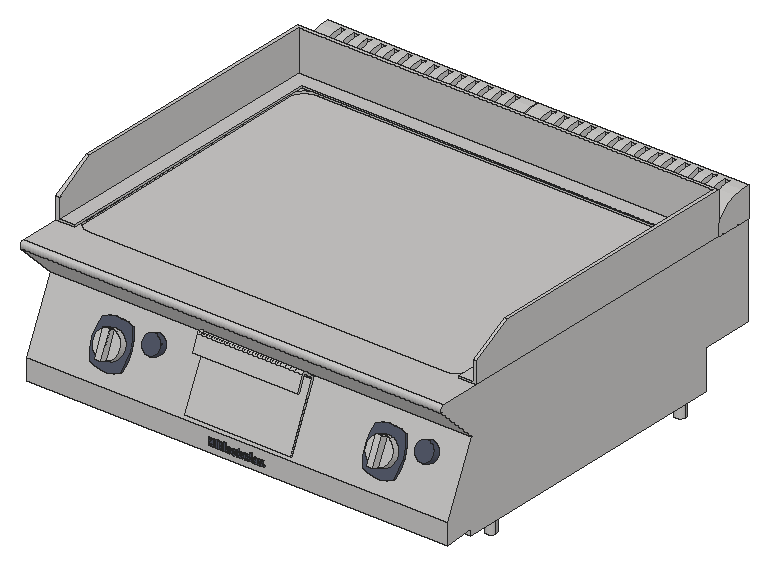
Revit family "QF_ELECTROLUXPROFESSIONAL_371041_E7FTGHCP00", category Specialty Equipment, Revit 2018 (continued)
Automatic sketch dimensions
  Extrusion 19 sketch curve to Extrusion 19 sketch curve = 0.352 mm
  Extrusion 19 sketch curve to Extrusion 19 sketch curve = 0.458 mm
  Extrusion 19 sketch curve to Extrusion 19 sketch curve = 1.282 mm
  Extrusion 19 sketch curve to Extrusion 19 sketch curve = 1.363 mm
  Extrusion 19 sketch curve to Extrusion 19 sketch curve = 0.685 mm
  Extrusion 19 sketch curve to Extrusion 19 sketch curve = 0.905 mm
  Extrusion 19 sketch curve to Extrusion 19 sketch curve = 2.865 mm
  Extrusion 19 sketch curve to Extrusion 19 sketch curve = 0.472 mm
  Extrusion 19 sketch curve to Extrusion 19 sketch curve = 0.101 mm
  Extrusion 19 sketch curve to Extrusion 19 sketch curve = 0.54 mm
  Extrusion 19 sketch curve to Extrusion 19 sketch curve = 0.02 mm
  Extrusion 19 sketch curve to Extrusion 19 sketch curve = 0.468 mm
  Extrusion 19 sketch curve to Extrusion 19 sketch curve = 0.829 mm
  Extrusion 19 sketch curve to Extrusion 19 sketch curve = 0.582 mm
  Extrusion 19 sketch curve to Extrusion 19 sketch curve = 0.166 mm
  Extrusion 19 sketch curve to Extrusion 19 sketch curve = 0.16 mm
  Extrusion 19 sketch curve to Extrusion 19 sketch curve = 2.781 mm
  Extrusion 19 sketch curve to Extrusion 19 sketch curve = 1.118 mm
  Extrusion 19 sketch curve to Extrusion 19 sketch curve = 0.613 mm
  Extrusion 19 sketch curve to Extrusion 19 sketch curve = 0.361 mm
  Extrusion 19 sketch curve to Extrusion 19 sketch curve = 0.897 mm
  Extrusion 19 sketch curve to Extrusion 19 sketch curve = 0.167 mm
  Extrusion 19 sketch curve to Extrusion 19 sketch curve = 0.292 mm
  Extrusion 19 sketch curve to Extrusion 19 sketch curve = 0.305 mm
  Extrusion 19 sketch curve to Extrusion 19 sketch curve = 1.557 mm
  Extrusion 19 sketch curve to Extrusion 19 sketch curve = 2.499 mm
  Extrusion 19 sketch curve to Extrusion 19 sketch curve = 3.062 mm
  Extrusion 19 sketch curve to Extrusion 19 sketch curve = 2.968 mm
  Extrusion 19 sketch curve to Extrusion 19 sketch curve = 5.044 mm
  Extrusion 19 sketch curve to Extrusion 19 sketch curve = 0.629 mm  (x2)
  Extrusion 19 sketch curve to Extrusion 19 sketch curve = 1.131 mm
  Extrusion 19 sketch curve to Extrusion 19 sketch curve = 0.137 mm
  Extrusion 19 sketch curve to Extrusion 19 sketch curve = 0.027 mm
  Extrusion 19 sketch curve to Extrusion 19 sketch curve = 2.235 mm
  plane 1 "BACK" to curve 5 = 0 mm
  curve 14 to curve 16 = 54.075 mm
  curve 12 to curve 10 = 35.035 mm
  plane 1 "BACK" to curve 83 = 0 mm
  curve 83 to plane 7 "Center Y" = 0 mm
  plane 1 "BACK" to curve 67 = 6.761 mm
  curve 67 to plane 7 "Center Y" = 106.168 mm
  curve 68 to curve 67 = 9.296 mm
  plane 1 "BACK" to curve 63 = 6.761 mm
  curve 63 to curve 67 = 16.193 mm
  curve 64 to curve 65 = 9.296 mm
  curve 62 to curve 63 = 16.193 mm
  curve 60 to curve 59 = 9.296 mm
  plane 1 "BACK" to curve 55 = 6.761 mm
  curve 55 to curve 59 = 16.193 mm
  curve 55 to curve 55 = 9.296 mm
  plane 1 "BACK" to curve 51 = 6.761 mm
  curve 51 to curve 55 = 16.193 mm
  curve 51 to curve 51 = 9.296 mm
  plane 1 "BACK" to curve 47 = 6.761 mm
  curve 47 to curve 51 = 16.193 mm
  curve 49 to curve 49 = 9.296 mm
  curve 45 to curve 48 = 16.193 mm
  plane 1 "BACK" to curve 43 = 6.761 mm
  curve 45 to curve 45 = 9.296 mm
  curve 42 to curve 44 = 16.193 mm
  curve 41 to curve 41 = 9.296 mm
  plane 1 "BACK" to curve 38 = 6.761 mm
  curve 38 to curve 39 = 16.193 mm
  curve 35 to curve 35 = 9.296 mm
  plane 1 "BACK" to curve 34 = 6.761 mm
  curve 34 to curve 35 = 16.193 mm
  curve 32 to curve 33 = 9.296 mm
  curve 30 to curve 32 = 16.193 mm
  curve 29 to curve 29 = 9.296 mm
  curve 67 to curve 72 = 16.193 mm
  curve 71 to curve 74 = 9.296 mm
  plane 1 "BACK" to curve 75 = 6.761 mm
  curve 73 to curve 77 = 16.193 mm
  curve 76 to curve 78 = 9.296 mm
  curve 77 to curve 80 = 16.193 mm
  curve 80 to curve 82 = 9.296 mm
  plane 7 "Center Y" to curve 139 = 29.703 mm
  curve 136 to curve 136 = 9.296 mm
  curve 137 to curve 135 = 16.193 mm
  curve 134 to curve 134 = 9.296 mm
  plane 1 "BACK" to curve 128 = 6.761 mm
  curve 132 to curve 128 = 16.193 mm
  curve 130 to curve 130 = 9.296 mm
  plane 1 "BACK" to curve 127 = 6.761 mm
  curve 128 to curve 127 = 16.193 mm
  curve 126 to curve 125 = 9.296 mm
  plane 1 "BACK" to curve 123 = 6.761 mm
  curve 124 to curve 123 = 16.193 mm
  curve 122 to curve 121 = 9.296 mm
  curve 121 to curve 119 = 16.193 mm
  curve 118 to curve 117 = 9.296 mm
  curve 117 to curve 115 = 16.193 mm
  curve 114 to curve 113 = 9.296 mm
  curve 112 to curve 111 = 16.193 mm
  curve 110 to curve 109 = 9.296 mm
  curve 108 to curve 107 = 16.193 mm
  curve 106 to curve 105 = 9.296 mm
  curve 104 to curve 103 = 16.193 mm
  curve 102 to curve 101 = 9.296 mm
  curve 100 to curve 99 = 16.193 mm
  curve 98 to curve 97 = 9.296 mm
  plane 1 "BACK" to curve 95 = 6.761 mm
  curve 96 to curve 95 = 16.193 mm
  curve 94 to curve 93 = 9.296 mm
  plane 1 "BACK" to curve 91 = 6.761 mm
  curve 92 to curve 91 = 16.193 mm
  curve 90 to curve 89 = 9.296 mm
  plane 1 "BACK" to curve 84 = 6.761 mm
  curve 88 to curve 84 = 16.193 mm
  curve 84 to curve 85 = 9.296 mm
  curve 83 to curve 139 = 63.089 mm
  curve 83 to curve 138 = 5.939 mm
  plane 1 "BACK" to curve 28 = 63.911 mm
  curve 137 to curve 135 = 0 mm
  curve 29 to curve 32 = 0 mm
  curve 133 to curve 131 = 0 mm
  curve 33 to curve 36 = 0 mm
  curve 129 to curve 127 = 0 mm
  curve 37 to curve 40 = 0 mm
  curve 125 to curve 123 = 0 mm
  curve 41 to curve 44 = 0 mm
  curve 121 to curve 119 = 0 mm
  curve 45 to curve 48 = 0 mm
  curve 117 to curve 115 = 0 mm
  curve 49 to curve 52 = 0 mm
  curve 113 to curve 111 = 0 mm
  curve 53 to curve 56 = 0 mm
  curve 109 to curve 107 = 0 mm
  curve 57 to curve 60 = 0 mm
  curve 105 to curve 103 = 0 mm
  curve 61 to curve 64 = 0 mm
  curve 101 to curve 99 = 0 mm
  curve 65 to curve 68 = 0 mm
  curve 97 to curve 95 = 0 mm
  curve 69 to curve 72 = 0 mm
  curve 93 to curve 91 = 0 mm
  curve 73 to curve 76 = 0 mm
  curve 89 to curve 87 = 0 mm
  curve 77 to curve 80 = 0 mm
  plane 1 "BACK" to curve 80 = 6.761 mm
  plane 1 "BACK" to curve 74 = 6.761 mm
  plane 1 "BACK" to curve 96 = 6.761 mm
  plane 1 "BACK" to curve 100 = 6.761 mm
  plane 1 "BACK" to curve 104 = 6.761 mm
  plane 1 "BACK" to curve 60 = 6.761 mm
  plane 1 "BACK" to curve 108 = 6.761 mm
  plane 1 "BACK" to curve 112 = 6.761 mm
  plane 1 "BACK" to curve 116 = 6.761 mm
  plane 1 "BACK" to curve 42 = 6.761 mm
  plane 1 "BACK" to curve 132 = 6.761 mm
  plane 1 "BACK" to curve 136 = 6.761 mm
  plane 1 "BACK" to curve 28 = 6.761 mm
  plane 1 "BACK" to curve 24 = 0 mm
  curve 24 to plane 4 "RIGHT" = 0 mm
  curve 25 to plane 4 "RIGHT" = 0 mm
  plane 1 "BACK" to curve 26 = 0 mm
  curve 26 to plane 4 "RIGHT" = 0 mm
  curve 26 to plane 3 "LEFT" = 0 mm
  curve 25 to plane 3 "LEFT" = 0 mm
  curve 24 to plane 3 "LEFT" = 0 mm
  curve 24 to curve 25 = 69.85 mm
  Extrusion 20 sketch curve to plane 10 "TOP A" = 0 mm
  Extrusion 20 sketch curve to plane 1 "BACK" = 0 mm
  plane 1 "BACK" to Extrusion 20 sketch curve = 4.947 mm
  plane 6 "TOP" to Extrusion 20 sketch curve = 11.113 mm
  plane 1 "BACK" to Extrusion 20 sketch curve = 69.85 mm
  Extrusion 20 sketch curve to plane 10 "TOP A" = 24.807 mm
  plane 1 "BACK" to Extrusion 21 sketch curve = 6.761 mm  (x14)
  Extrusion 21 sketch curve to Extrusion 21 sketch curve = 57.15 mm
  Extrusion 21 sketch curve to Extrusion 21 sketch curve = 0 mm  (x13)
  plane 3 "LEFT" to Extrusion 21 sketch curve = 29.703 mm
  Extrusion 21 sketch curve to Extrusion 21 sketch curve = 9.296 mm  (x14)
  Extrusion 21 sketch curve to Extrusion 21 sketch curve = 16.193 mm  (x13)
  Extrusion 22 sketch curve to plane 10 "TOP A" = 0 mm
  Extrusion 22 sketch curve to plane 1 "BACK" = 0 mm
  plane 1 "BACK" to Extrusion 22 sketch curve = 4.947 mm
  plane 6 "TOP" to Extrusion 22 sketch curve = 11.113 mm
  plane 1 "BACK" to Extrusion 22 sketch curve = 69.85 mm
  Extrusion 22 sketch curve to plane 10 "TOP A" = 24.807 mm
  plane 1 "BACK" to Extrusion 23 sketch curve = 6.761 mm  (x14)
  Extrusion 23 sketch curve to Extrusion 23 sketch curve = 57.15 mm
  Extrusion 23 sketch curve to Extrusion 23 sketch curve = 0 mm  (x13)
  plane 7 "Center Y" to Extrusion 23 sketch curve = 29.703 mm
  Extrusion 23 sketch curve to Extrusion 23 sketch curve = 9.296 mm  (x14)
  Extrusion 23 sketch curve to Extrusion 23 sketch curve = 16.193 mm  (x13)
  radius of Extrusion 3 sketch curve = 9.525 mm  (x4)
  radius of Extrusion 4 sketch curve = 6.35 mm
  radius of Extrusion 12 sketch curve = 25.4 mm
  radius of Extrusion 13 sketch curve to Extrusion 12 = 0 mm  (x2)
  radius of Extrusion 15 sketch curve = 25.4 mm
  radius of Extrusion 16 sketch curve to Extrusion 15 = 0 mm  (x2)
  radius of Extrusion 17 sketch curve = 17.78 mm
  radius of Extrusion 18 sketch curve = 17.78 mm
Connectors
  piping at (749.3, -98.425, 57.718), diameter 12.8
    settings: on Extrusion 4, index 1, connector inside diameter 0.50394", connector length 0 mm, flow factor 0, pipe flow 0 GPM, pressure drop 0.00 psi, fitting loss kfactor 0, connector angle 0.00°, fixture units 0, engagement length 0 mm, angle of deflection 0.00°, flow configuration 1, flow direction 1, fitting loss method 0, system type 7, joint type 0, gender type 0, connector reference index -1, connector utility 0, adjustable connector no, is connector primary yes, connector description "Gas Connection"
